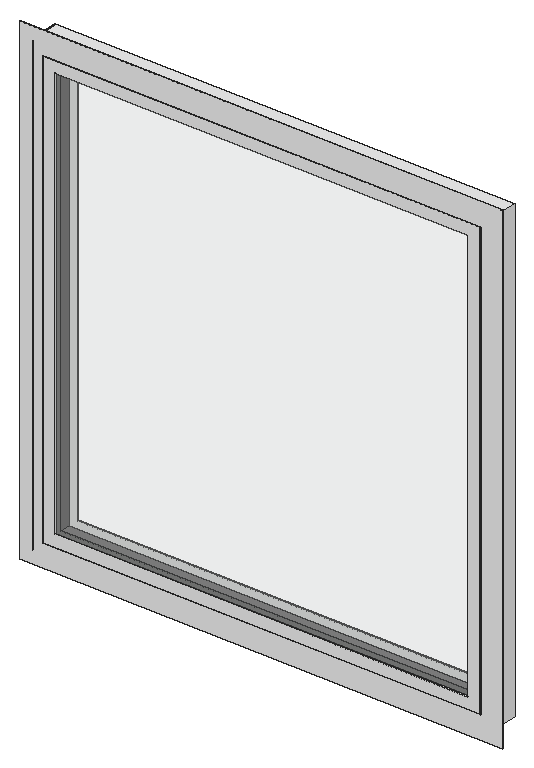
Revit family "Casement_28_A_Side_Hung_Custom", category Windows, host Wall, Revit 2014
Parameters (values of type "Casement_Sash_DG")
  Width Sash [instance] = 30 mm
  Width Sash Inner = 15 mm
  Width Bead = 15 mm
  Top Hung [instance] = yes
  Side Hung Right [instance] = yes
  Side Hung Left [instance] = yes
  Sash Opening Width [instance] = 600 mm
  Sash Opening Height [instance] = 600.312 mm
  Sash Lip = 15 mm
  Glazing Material [instance] = Glass
  DG Start Piece 2 [instance] = DG End Piece 1 + DG Gasket Thickness  # 25 mm
  DG Start Peice 1 [instance] = (Depth Sash - (2 * DG Glazing Thickness) - DG Gasket Thickness) / 2  # 6.6 mm
  Glazing Offset = 5 mm
  DG Glazing Thickness [instance] = 6.4 mm
  DG Gasket Thickness = 12 mm  # constant formula
  DG Gasket Material [instance] = Double Glazing Gasket Material
  DG End Piece 2 [instance] = DG Start Piece 2 + DG Glazing Thickness  # 31.4 mm
  DG End Piece 1 [instance] = DG Start Peice 1 + DG Glazing Thickness  # 13 mm
  Depth Sash [instance] = 38 mm
  Center Vertical Sash [instance] = Sash Opening Height / 2  # 300.156 mm
  Center Horizontal Sash [instance] = Sash Opening Width / 2  # 300 mm
  Bottom Hung [instance] = yes
  Bead Offset = 15 mm
  Aluminium Thickness = 1 mm
  Aluminium Material [instance] = White Powder Coated Aluminium
Reference planes
  plane 1 "Center (Front/Back)": y = 0
  plane 2: z = 0
  plane 3 "Center (Left/Right)": x = 0
Forms (mm)
  Sweep 1, solid, material "White Powder Coated Aluminium" <- "Aluminium Material"
    path origin (16.177, 0, 121.331) x (1, 0, 0) y (0, 0, 1)
      loop
        line (0, 0) -> (600, 0) -> (600, 600.312) -> (0, 600.312) -> (0, 0)
    profile origin (316.177, 0, 121.331) x (0, 0, 1) y (0, -1, 0)
      loop
        line (0, 0) -> (30, 0) -> (30, 1) -> (15, 1) -> (15, 38) -> (-15, 38) -> (-15, 37) -> (0, 37) -> (0, 0)
      loop
        line (14, 1) -> (14, 37) -> (1, 37) -> (1, 1) -> (14, 1)
  Sweep 2, solid, material "White Powder Coated Aluminium" <- "Aluminium Material"
    path origin (0, 0, 0) x (1, 0, 0) y (0, 0, 1)
      loop
        line (31.177, 706.643) -> (31.177, 136.331) -> (601.177, 136.331) -> (601.177, 706.643) -> (31.177, 706.643)
    profile origin (316.177, 0, 706.643) x (0, 0, 1) y (0, -1, 0)
      loop
        line (0, 37) -> (0, 38) -> (-15, 38) -> (-15, 37) -> (0, 37)
  Extrusion 3, solid, material "Glass" <- "Glazing Material"
    sketch origin (0, 0, 0) x (1, 0, 0) y (0, 0, 1)
      loop
        line (36.177, 701.643) -> (36.177, 141.331) -> (596.177, 141.331) -> (596.177, 701.643) -> (36.177, 701.643)
    from 6.6 <- "DG Start Peice 1" to 13 <- "DG End Piece 1"
  Extrusion 4, solid, material "Glass" <- "Glazing Material"
    sketch origin (0, 0, 0) x (1, 0, 0) y (0, 0, 1)
      loop
        line (36.177, 701.643) -> (36.177, 141.331) -> (596.177, 141.331) -> (596.177, 701.643) -> (36.177, 701.643)
    from 31.4 <- "DG End Piece 2" to 25 <- "DG Start Piece 2"
  Sweep 5, solid, material "Double Glazing Gasket Material" <- "DG Gasket Material"
    path origin (0, -13, 0) x (1, 0, 0) y (0, 0, 1)
      loop
        line (36.177, 701.643) -> (36.177, 141.331) -> (596.177, 141.331) -> (596.177, 701.643) -> (36.177, 701.643)
    profile origin (316.177, -13, 701.643) x (0, 0, 1) y (0, -1, 0)
      loop
        line (0, 0) -> (0, 12) -> (-7.96, 12) -> (-7.96, 0) -> (0, 0)
Lines and regions (mm)
  model lines
    curve 1: line (1.177, -38, 736.643) -> (31.177, -38, 706.643)
    curve 2: line (601.177, -38, 706.643) -> (631.177, -38, 736.643)
    curve 3: line (601.177, -38, 136.331) -> (631.177, -38, 106.331)
    curve 4: line (1.177, -38, 106.331) -> (31.177, -38, 136.331)
    curve 5: line (631.177, -37, 736.643) -> (616.177, -37, 721.643)
    curve 6: line (1.177, -37, 736.643) -> (16.177, -37, 721.643)
    curve 7: line (1.177, -37, 106.331) -> (16.177, -37, 121.331)
    curve 8: line (631.177, -37, 106.331) -> (616.177, -37, 121.331)
    curve 9: line (616.177, 0, 121.331) -> (586.177, 0, 151.331)
    curve 10: line (46.177, 0, 151.331) -> (16.177, 0, 121.331)
    curve 11: line (616.177, 0, 721.643) -> (586.177, 0, 691.643)
    curve 12: line (46.177, 0, 691.643) -> (16.177, 0, 721.643)
    curve 13: line (31.177, -38, 691.643) -> (46.177, -38, 691.643)
    curve 14: line (586.177, -38, 691.643) -> (601.177, -38, 691.643)
    curve 15: line (586.177, -38, 151.331) -> (601.177, -38, 151.331)
    curve 16: line (31.177, -38, 151.331) -> (46.177, -38, 151.331)
  model lines, style "GenericModelHiddenLines", visible <- "Top Hung"
    curve 17: line (46.386, -31.4, 690.914) -> (316.177, -31.4, 151.331)
    curve 18: line (316.177, -31.4, 151.331) -> (586.177, -31.4, 691.331)
  model lines, style "GenericModelHiddenLines", visible <- "Bottom Hung"
    curve 19: line (46.177, -31.4, 151.331) -> (316.177, -31.4, 691.331)
    curve 20: line (316.177, -31.4, 691.331) -> (586.177, -31.4, 151.331)
  model lines, style "GenericModelHiddenLines", visible <- "Side Hung Left"
    curve 21: line (46.386, -31.4, 690.914) -> (585.24, -31.4, 421.487)
    curve 22: line (585.24, -31.4, 421.487) -> (46.177, -31.4, 151.331)
  model lines, style "GenericModelHiddenLines", visible <- "Side Hung Right"
    curve 23: line (586.177, -31.4, 691.331) -> (46.177, -31.4, 421.487)
    curve 24: line (46.177, -31.4, 421.487) -> (586.177, -31.4, 151.331)
Dimensions and locks
  "Aluminium Thickness": Sweep 1 sketch curve to Sweep 1 sketch curve  (x4)
  "Depth Sash": Sweep 1 sketch curve to Sweep 1 sketch curve
  "Sash Opening Width": Sweep 1 to Sweep 1
  "Sash Opening Height": Sweep 1 to Sweep 1
  "Width Sash": Sweep 1 sketch curve to Sweep 1 sketch curve  (x2)
  "Width Sash Inner": Sweep 1 sketch curve to Sweep 1 sketch curve
  "Sash Lip": Sweep 1 sketch curve to Sweep 1 sketch curve
  "Aluminium Thickness": Sweep 1 to Sweep 2 sketch curve
  "Glazing Offset": Sweep 2 to Extrusion 3 sketch curve  (x3)
  "Glazing Offset": Extrusion 3 sketch curve to Sweep 2
  Sweep 1 to Sweep 1 = 1 mm
  "Aluminium Thickness": Sweep 2 sketch curve to Sweep 2 sketch curve
  "Width Bead": Sweep 2 sketch curve to Sweep 2 sketch curve
  locked: Sweep 5 sketch curve to Sweep 5 sketch curve at 7.96
  "Center Horizontal Sash": Sweep 1 to curve 18
  "Center Horizontal Sash": Sweep 1 to curve 20
  "Center Vertical Sash": Sweep 1 to curve 22
  "Center Vertical Sash": Sweep 1 to curve 24
  aligned and locked: level to plane 2
  aligned and locked: Sweep 1 sketch curve to Sweep 1 sketch curve  (x2)
  aligned and locked: Sweep 2 sketch curve to Sweep 1  (x5)
  aligned and locked: Extrusion 4 sketch curve to Extrusion 3  (x4)
  aligned and locked: Sweep 5 sketch curve to Extrusion 3  (x5)
  aligned and locked: Extrusion 3 to Sweep 5 sketch curve
Automatic sketch dimensions
  plane 3 "Center (Left/Right)" to Sweep 1 sketch curve = 16.177 mm
  level to Sweep 1 sketch curve = 121.331 mm
  plane 3 "Center (Left/Right)" to Sweep 1 sketch curve = 616.177 mm
  level to Sweep 1 sketch curve = 721.643 mm
  profile plane to Sweep 5 sketch curve = 12 mm
  curve 7 to Sweep 1 = 0 mm  (x4)
  curve 6 to Sweep 1 = 0 mm  (x3)
  Sweep 1 to curve 6 = 0 mm
  curve 5 to Sweep 1 = 0 mm  (x3)
  curve 8 to Sweep 1 = 0 mm  (x4)
  Sweep 1 to curve 5 = 0 mm
  curve 16 to Sweep 2 = 0 mm  (x3)
  curve 13 to Sweep 2 = 0 mm  (x3)
  curve 15 to Sweep 2 = 0 mm
  Sweep 2 to curve 15 = 0 mm  (x2)
  curve 14 to Sweep 2 = 0 mm  (x2)
  Sweep 2 to curve 14 = 0 mm
  curve 1 to Sweep 1 = 0 mm  (x4)
  curve 4 to Sweep 1 = 0 mm  (x3)
  Sweep 1 to curve 4 = 0 mm
  curve 3 to Sweep 1 = 0 mm  (x3)
  curve 2 to Sweep 1 = 0 mm  (x4)
  Sweep 1 to curve 3 = 0 mm
  curve 10 to Sweep 1 = 0 mm  (x4)
  curve 12 to Sweep 1 = 0 mm  (x3)
  Sweep 1 to curve 12 = 0 mm
  curve 9 to Sweep 1 = 0 mm  (x4)
  curve 11 to Sweep 1 = 0 mm  (x3)
  Sweep 1 to curve 11 = 0 mm
  Sweep 1 sketch curve to plane 1 "Center (Front/Back)" = 0 mm
  profile plane to Sweep 1 sketch curve = 0 mm
  curve 21 to Extrusion 4 = 10.208 mm
  curve 19 to Extrusion 4 = 10 mm
  curve 23 to Extrusion 4 = 10 mm  (x2)
  curve 22 to Extrusion 4 = 10.937 mm
  curve 20 to Extrusion 4 = 10 mm
  curve 24 to Extrusion 4 = 10 mm
  curve 22 to Extrusion 4 = 10 mm
  curve 18 to Extrusion 4 = 10 mm
  curve 21 to Extrusion 4 = 10.729 mm
  curve 19 to Extrusion 4 = 10.312 mm
  curve 18 to Extrusion 4 = 10.312 mm
